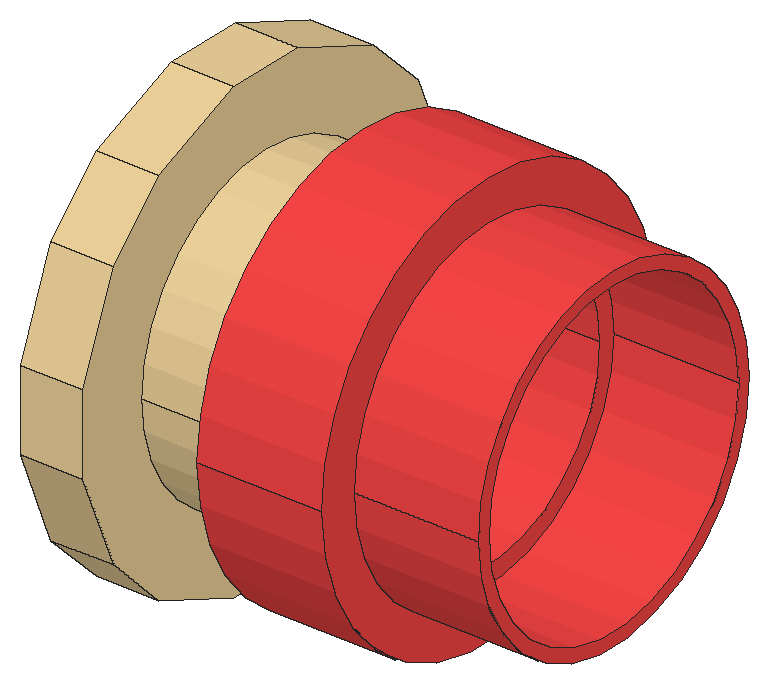
Revit family "Aquatherm_Переходное резьбовое соединение B1", category Соединительные детали трубопроводов, Revit 2019
Family settings
  Размер круглого соединителя = Использовать диаметр
  Тип детали = Переход
  На основе рабочей плоскости = Нет
  Всегда вертикально = Да
  При загрузке вырезать с полостями = Нет
  Общий = Нет
Parameters
  Материал_Корпус_2 = AquaTherm латунь pipe
  Материал_Корпус = AquaTherm red pipe
  K Coefficient = 0
  z [instance] = size_lookup("Переходное резьбовое соединение", "z", 18 mm, d, R)  # 61 mm
  n1 [instance] = l + 30 mm + l1  # 124 mm
  n [instance] = 30 mm + l - z  # 60 mm
  l1 [instance] = size_lookup("Переходное резьбовое соединение", "l1", 18 mm, d, R)  # 3 mm
  r [instance] = R + 3 mm  # 93 mm
  k [instance] = 15 mm  # constant formula
  d2 [instance] = d + 6 mm  # 81 mm
  d1 [instance] = d - 8 mm  # 67 mm
  URL = "www.agpipe.ru"
  d [instance] = 75 mm
  SW' [instance] = SW - 1 mm  # 109 mm
  SW [instance] = size_lookup("Переходное резьбовое соединение", "SW", 18 mm, d, R)  # 110 mm
  SDR = 11 mm
  R [instance] = 90 mm
  l [instance] = size_lookup("Переходное резьбовое соединение", "l", 18 mm, d, R)  # 91 mm
  D1 [instance] = D - 6 mm  # 94 mm
  D [instance] = size_lookup("Переходное резьбовое соединение", "D", 18 mm, d, R)  # 100 mm
  ADSK_Примечание = ""
  ADSK_Позиция [instance] = ""
  ADSK_Обозначение = ""
  ADSK_Наименование [instance] = size_lookup("Переходное резьбовое соединение", "ADSK_Наименование", "Нет в каталоге", d, R)  # "Переходное резьбовое соединение/B1 DN75x3 1/2''"
  ADSK_Масса_Текст [instance] = size_lookup("Переходное резьбовое соединение", "ADSK_Масса_Текст", "Нет в каталоге", d, R)  # "1.832"
  ADSK_Код изделия [instance] = size_lookup("Переходное резьбовое соединение", "ADSK_Код изделия", "Нет в каталоге", d, R)  # "4127022"
  ADSK_Завод-изготовитель = "Aquatherm"  # constant formula
  ADSK_Единица измерения = "шт."  # constant formula
  1 [instance] = 1 = 1  # yes
Reference planes
  plane 1 "По центру (Вперед/Назад)": y = 0
  plane 2: z = 0
  plane 3 "По центру (Влево/Вправо)": x = 0
  plane 4: x = -45.5
  plane 5: x = 45.5
  plane 6: x = -48.5
  plane 7: x = -53
  plane 8: x = -38
  plane 9: x = -42
  plane 10: x = 15.5
  plane 11: x = -15.5
  plane 12: x = 75.5
  plane 13: x = 15.5
  plane 14: x = -48.5
Forms (mm)
  Extrusion 1, solid, material "AquaTherm red pipe" <- "Материал_Корпус", visible <- "1"
    sketch origin (0, 0, 0) x (0, 1, 0) y (0, 0, 1)
      loop
        circle (0, 0) r 50
    from -14.5 to 15.5
  Extrusion 2, solid, material "AquaTherm латунь pipe" <- "Материал_Корпус_2", visible <- "1"
    sketch origin (0, 0, 0) x (0, 1, 0) y (0, 0, 1)
      loop
        line (-22.782, 55) -> (-55, 22.782) -> (-55, -22.782) -> (-22.782, -55) -> (22.782, -55) -> (55, -22.782) -> (55, 22.782) -> (22.782, 55) -> (-22.782, 55)
    from -53 to -38
  Extrusion 3, void
    sketch origin (0, 0, 0) x (0, 1, 0) y (0, 0, 1)
      loop
        line (0, 58.99) -> (-41.712, 41.712) -> (-58.99, 0) -> (-41.712, -41.712) -> (0, -58.99) -> (41.712, -41.712) -> (58.99, 0) -> (41.712, 41.712) -> (0, 58.99)
      loop
        circle (0, 0) r 91
    from -53 to -38
  Extrusion 4, void
    sketch origin (0, 0, 0) x (0, 1, 0) y (0, 0, 1)
      loop
        circle (0, 0) r 45
    from -53 to -42
  Extrusion 5, void
    sketch origin (0, 0, 0) x (0, 1, 0) y (0, 0, 1)
      loop
        circle (0, 0) r 37.5
    from 15.5 to 45.5
  Extrusion 6, solid, material "AquaTherm латунь pipe" <- "Материал_Корпус_2", visible <- "1"
    sketch origin (0, 0, 0) x (0, 1, 0) y (0, 0, 1)
      loop
        circle (0, 0) r 37.5
    from -15.5 to -38
  Extrusion 7, void
    sketch origin (0, 0, 0) x (0, 1, 0) y (0, 0, 1)
      loop
        circle (0, 0) r 33.5
    from -42 to 15.5
  Extrusion 8, solid, material "AquaTherm red pipe" <- "Материал_Корпус", visible <- "1"
    sketch origin (0, 0, 0) x (0, 1, 0) y (0, 0, 1)
      loop
        circle (0, 0) r 40.5
    from 15.5 to 45.5
Cuts and joins
  Extrusion 3, Extrusion 4, Extrusion 5, Extrusion 7 cuts Extrusion 2
  Extrusion 7 cuts Extrusion 6
  Extrusion 5 cuts Extrusion 8
  Extrusion 4, Extrusion 5, Extrusion 7 cuts Extrusion 1
Lines and regions (mm)
  reference lines
    curve 1: line (15.5, 0, 0) -> (-48.5, 0, 0)
Dimensions and locks
  equal spacing: plane 4, plane 3 "По центру (Влево/Вправо)", plane 5
  "l": plane 4 to plane 5
  "l1": plane 6 to plane 4
  equal spacing: Extrusion 2 sketch curve, level, Extrusion 2 sketch curve
  "SW": Extrusion 2 sketch curve to Extrusion 2 sketch curve  (x4)
  equal spacing: Extrusion 2 sketch curve, plane 1 "По центру (Вперед/Назад)", Extrusion 2 sketch curve  (x3)
  equal spacing: Extrusion 3 sketch curve, plane 1 "По центру (Вперед/Назад)", Extrusion 3 sketch curve  (x4)
  "SW'": Extrusion 3 sketch curve to Extrusion 3 sketch curve  (x4)
  equal spacing: plane 7, plane 4, plane 8
  "k": plane 7 to plane 8
  locked: plane 9 to plane 8 at 4
  "z": plane 4 to plane 10
  "z": plane 11 to plane 5
  locked: plane 5 to plane 12 at 30
  "n": plane 13 to plane 12
  "n1": plane 14 to plane 12
  "D": diameter of Extrusion 1 sketch curve
  "l": radius of Extrusion 3 sketch curve
  "R": diameter of Extrusion 4 sketch curve
  "d": diameter of Extrusion 5 sketch curve
  "d": diameter of Extrusion 6 sketch curve
  "d1": diameter of Extrusion 7 sketch curve
  "d2": diameter of Extrusion 8 sketch curve
  locked: Extrusion 2 sketch curve to Extrusion 2 sketch curve (angle 135.00°)  (x4)
  locked: Extrusion 3 sketch curve to Extrusion 3 sketch curve (angle 135.00°)  (x4)
  aligned and locked: level to plane 2
  aligned and locked: Extrusion 3 to plane 7
  aligned and locked: Extrusion 3 to plane 8
  aligned and locked: cut or joined group of Extrusion 2, Extrusion 3, Extrusion 4, Extrusion 5, Extrusion 7 to plane 7
  aligned and locked: cut or joined group of Extrusion 2, Extrusion 3, Extrusion 4, Extrusion 5, Extrusion 7 to plane 8
  aligned and locked: Extrusion 2 to Extrusion 4
  aligned and locked: plane 5 to Extrusion 5
  aligned and locked: Extrusion 5 to plane 10
  aligned and locked: plane 11 to Extrusion 6
  aligned and locked: plane 10 to Extrusion 7
  aligned and locked: plane 8 to cut or joined group of Extrusion 6, Extrusion 7
  aligned and locked: Extrusion 1 to Extrusion 5
  aligned and locked: Extrusion 8 to plane 10
  aligned and locked: plane 5 to Extrusion 8
  aligned and locked: plane 13 to curve 1
  aligned and locked: plane 14 to curve 1
  aligned and locked: plane 9 to Extrusion 4
  aligned and locked: Extrusion 7 to plane 9
Automatic sketch dimensions
  plane 1 "По центру (Вперед/Назад)" to curve 1 = 0 mm
  Extrusion 1 sketch curve to level = 0 mm
  Extrusion 1 sketch curve to plane 1 "По центру (Вперед/Назад)" = 0 mm
  Extrusion 3 sketch curve to plane 1 "По центру (Вперед/Назад)" = 0 mm  (x2)
  Extrusion 3 sketch curve to level = 0 mm  (x2)
  Extrusion 4 sketch curve to level = 0 mm
  Extrusion 4 sketch curve to plane 1 "По центру (Вперед/Назад)" = 0 mm
  Extrusion 5 sketch curve to level = 0 mm
  Extrusion 5 sketch curve to plane 1 "По центру (Вперед/Назад)" = 0 mm
  Extrusion 6 sketch curve to level = 0 mm
  Extrusion 6 sketch curve to plane 1 "По центру (Вперед/Назад)" = 0 mm
  Extrusion 7 sketch curve to level = 0 mm
  Extrusion 7 sketch curve to plane 1 "По центру (Вперед/Назад)" = 0 mm
  Extrusion 8 sketch curve to level = 0 mm
  Extrusion 8 sketch curve to plane 1 "По центру (Вперед/Назад)" = 0 mm
Connectors
  piping at (15.5, 0, 0), diameter 75, driven by "d"
    settings: on curve 1, index 1, connector inside diameter 609.6 mm, connector length 0 mm, flow factor 0, pipe flow 0.0 L/s, pressure drop 0.0 Pa, fitting loss kfactor 0, connector angle 0.00°, fixture units 0, engagement length 0 mm, angle of deflection 0.00°, flow configuration 0, flow direction 0, fitting loss method 0, system type 28, joint type 0, gender type 0, connector reference index 2, connector utility 0, adjustable connector no, is connector primary yes, connector description ""
  piping at (-48.5, 0, 0), diameter 90, driven by "R"
    settings: on curve 1, index 2, connector inside diameter 609.6 mm, connector length 0 mm, flow factor 0, pipe flow 0.0 L/s, pressure drop 0.0 Pa, fitting loss kfactor 0, connector angle 0.00°, fixture units 0, engagement length 0 mm, angle of deflection 0.00°, flow configuration 0, flow direction 0, fitting loss method 0, system type 28, joint type 0, gender type 0, connector reference index 1, connector utility 0, adjustable connector no, is connector primary no, connector description ""
